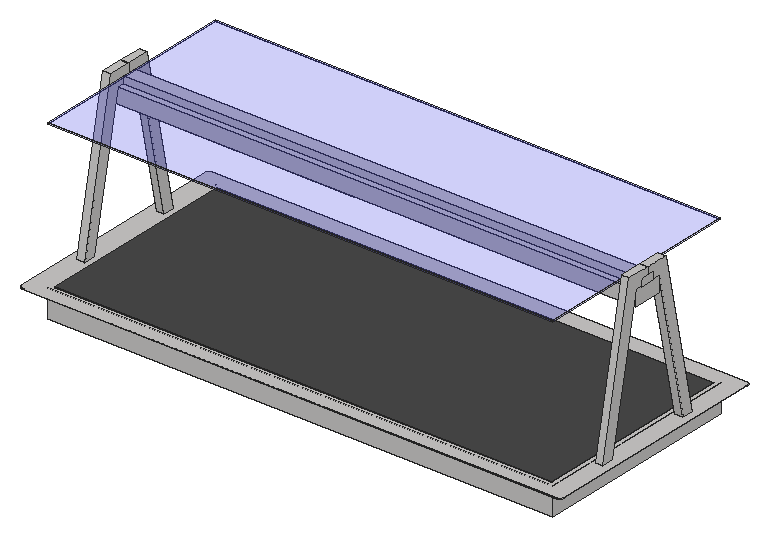
Revit family "QF_ELECTROLUXPROFESSIONAL_341182_D04C4", category Attrezzature speciali, Revit 2020
Family settings
  Quota connettore circolare = Usa diametro
  Tipo di parte = Normale
  Basato su piano di lavoro = No
  Sempre verticale = Sì
  Taglio con vuoti quando caricato = No
  Condiviso = No
  Punto di calcolo locali = No
Parameters (values of type "Standard")
  Weight = 45.35 kg
  Watts = 0 W
  Volts = 220 V
  URL Manufacturer = "https://www.electroluxprofessional.com/"
  URL = "https://www.electroluxprofessional.com/"
  Steam Supply Size = 0 mm
  Steam Supply Minimum Pressure = 0.0 Pa
  Steam Supply Maximum Pressure = 0.0 Pa
  Steam Consumption per Hour = 0
  Refrigeration Suction Line Size = 0 mm
  Refrigeration Liquid Line Size = 0 mm
  Refrigerant Compressor Remote = yes
  Prospetto di default = 0 mm
  Produttore = "Electrolux Professional"
  Phase = 1
  Modello = "D04C4"
  Length Actual = 1420 mm  # constant formula
  Item Number = "341182"
  Hot Water Size = 0 mm
  Height Actual = 484 mm  # constant formula
  HP = "0 HP"
  Gas Size = 0 mm
  Gas KW = 0
  Gas Input Pressure = 0 W
  Direct Waste Size = 0 mm
  Descrizione = "DROP-IN TEMPERED GLASS TOP, 4GN WITH A TYPE OVERSHELF AND HALOGEN LAMP"
  Depth Actual = 620 mm  # constant formula
  Cycle = 50 Hz
  Condensate Return Size = 0 mm
  Compressed Air Volume = 0.0 L/s
  Compressed Air Size = 0 mm
  Compressed Air Pressure = 0.0 Pa
  Cold Water Size = 0 mm
  Accessory = yes
Reference planes
  plane 1 "BACK": y = 0
  plane 2: z = 5.426
  plane 3 "LEFT": x = 0
  plane 4: y = -620
  plane 5: x = 1420
  plane 6: z = 409.426
  plane 7: y = -310
  plane 8: x = 710
Forms (mm)
  Extrusion 1, solid, material "QF_Finishes_Stainless Steel"
    sketch origin (0, 0, 5.426) x (1, 0, 0) y (0, 1, 0)
      loop
        arc (10, 0) -> (2.929, -2.929) -> (0, -10) r 10
        line (0, -10) -> (0, -610)
        arc (0, -610) -> (2.929, -617.071) -> (10, -620) r 10
        line (10, -620) -> (1410, -620)
        arc (1410, -620) -> (1417.071, -617.071) -> (1420, -610) r 10
        line (1420, -610) -> (1420, -10)
        arc (1420, -10) -> (1417.071, -2.929) -> (1410, 0) r 10
        line (1410, 0) -> (10, 0)
    from 0 to 1
  Extrusion 2, solid, material "QF_Finishes_Stainless Steel"
    sketch origin (0, 0, 184.548) x (1, 0, 0) y (0, 1, 0)
      loop
        line (50, -35) -> (50, -585) -> (1370, -585) -> (1370, -35) -> (50, -35)
    from -251.122 to -179.122
  Extrusion 3, solid, material "QF_Finishes_Stainless Steel"
    sketch origin (21.5, -620, 0) x (0, -1, 0) y (0, 0, -1)
      loop
        line (-310, -409.426) -> (-250.873, -409.426) -> (-165, -5.426) -> (-195, -5.426) -> (-272.583, -370.426) -> (-310, -370.426) -> (-310, -409.426)
    from 0 to 20
  Extrusion 4, solid, material "QF_Finishes_Stainless Steel"
    sketch origin (21.5, 0, 0) x (0, 1, 0) y (0, 0, 1)
      loop
        line (-310, 409.426) -> (-310, 370.426) -> (-272.583, 370.426) -> (-195, 5.426) -> (-165, 5.426) -> (-250.873, 409.426) -> (-310, 409.426)
    from 0 to 20
  Extrusion 5, solid, material "QF_Finishes_Stainless Steel"
    sketch origin (1398.5, -620, 0) x (0, -1, 0) y (0, 0, 1)
      loop
        line (-310, 409.426) -> (-310, 370.426) -> (-272.583, 370.426) -> (-195, 5.426) -> (-165, 5.426) -> (-250.873, 409.426) -> (-310, 409.426)
    from 0 to 20
  Extrusion 6, solid, material "QF_Finishes_Stainless Steel"
    sketch origin (1398.5, 0, 0) x (0, 1, 0) y (0, 0, -1)
      loop
        line (-310, -409.426) -> (-250.873, -409.426) -> (-165, -5.426) -> (-195, -5.426) -> (-272.583, -370.426) -> (-310, -370.426) -> (-310, -409.426)
    from 0 to 20
  Extrusion 7, solid, material "QF_Finishes_Stainless Steel"
    sketch origin (0, 0, 0) x (0, 1, 0) y (0, 0, 1)
      loop
        line (-291.292, 370.426) -> (-291.292, 387.956) -> (-328.917, 387.956) -> (-328.917, 370.426) -> (-291.292, 370.426)
    from 21.5 to 1398.5
  Extrusion 8, solid, material "Vetro"
    sketch origin (0, 0, 5.426) x (1, 0, 0) y (0, 1, 0)
      loop
        line (50, -35) -> (50, -585) -> (1370, -585) -> (1370, -35) -> (50, -35)
    from 382.529 to 387.529
  Extrusion 9, solid, material "QF_Finishes_Stainless Steel"
    sketch origin (0, 0, 0) x (0, 1, 0) y (0, 0, 1)
      loop
        line (-272.583, 370.426) -> (-347.583, 370.426) -> (-347.583, 330.426) -> (-272.583, 330.426) -> (-272.583, 370.426)
    from 21.5 to 1398.5
  Extrusion 10, solid, material "QF_Finishes_Stainless Steel"
    sketch origin (34.947, 0, 0) x (0, 1, 0) y (0, 0, 1)
      loop
        line (-280.414, 330.426) -> (-340.414, 330.426) -> (-340.414, 325.426) -> (-280.414, 325.426) -> (-280.414, 330.426)
    from 113.553 to 313.553
  Extrusion 11, solid, material "QF_Finishes_Stainless Steel"
    sketch origin (769.053, 0, 0) x (0, 1, 0) y (0, 0, -1)
      loop
        line (-280.414, -330.426) -> (-280.414, -325.426) -> (-340.414, -325.426) -> (-340.414, -330.426) -> (-280.414, -330.426)
    from 113.553 to 313.553
  Extrusion 12, solid, material "QF_Finishes_Stainless Steel"
    sketch origin (1385.053, 0, 0) x (0, 1, 0) y (0, 0, -1)
      loop
        line (-280.414, -330.426) -> (-280.414, -325.426) -> (-340.414, -325.426) -> (-340.414, -330.426) -> (-280.414, -330.426)
    from 113.553 to 313.553
  Extrusion 13, solid, material "QF_Finishes_Stainless Steel"
    sketch origin (650.947, 0, 0) x (0, 1, 0) y (0, 0, 1)
      loop
        line (-280.414, 330.426) -> (-340.414, 330.426) -> (-340.414, 325.426) -> (-280.414, 325.426) -> (-280.414, 330.426)
    from 113.553 to 313.553
  Extrusion 14, solid, material "QF_Finishes_Black"
    sketch origin (0, 0, 6.426) x (1, 0, 0) y (0, 1, 0)
      loop
        line (60, -45) -> (60, -575) -> (1360, -575) -> (1360, -45) -> (60, -45)
    from 0 to 1
  Extrusion 15, solid, material "QF_Finishes_Stainless Steel"
    sketch origin (1282.404, 17.714, -99.574) x (1, 0, 0) y (0, 1, 0)
      loop
        line (-392.404, -132.714) -> (-392.404, -152.714) -> (-372.404, -152.714) -> (-372.404, -132.714) -> (-392.404, -132.714)
    from 0 to 33
  Extrusion 16, solid, material "QF_Finishes_Stainless Steel"
    sketch origin (1012.404, 17.714, -99.574) x (1, 0, 0) y (0, 1, 0)
      loop
        line (-392.404, -132.714) -> (-392.404, -152.714) -> (-372.404, -152.714) -> (-372.404, -132.714) -> (-392.404, -132.714)
    from 0 to 33
Dimensions and locks
  equal spacing: Extrusion 1, Extrusion 2 sketch curve, Extrusion 2 sketch curve, Extrusion 1  (x2)
  Extrusion 1 to Extrusion 1 = 1420 mm
  Extrusion 1 to plane 1 "BACK" = 620 mm
  plane 6 to plane 2 = 404 mm
  equal spacing: plane 3 "LEFT", plane 8, plane 5
  Extrusion 4 to plane 8 to Extrusion 6 = 668.5 mm, 668.5 mm
  equal spacing: Extrusion 8, Extrusion 14 sketch curve, Extrusion 14 sketch curve, Extrusion 8  (x2)
  aligned and locked: level to plane 2
Automatic sketch dimensions
  Extrusion 1 sketch curve to plane 3 "LEFT" = 0 mm
  plane 4 to Extrusion 1 sketch curve = 0 mm
  plane 1 "BACK" to Extrusion 1 sketch curve = 0 mm
  Extrusion 1 sketch curve to plane 5 = 0 mm
  plane 3 "LEFT" to Extrusion 1 sketch curve = 10 mm  (x2)
  plane 5 to Extrusion 1 sketch curve = 10 mm  (x2)
  plane 3 "LEFT" to Extrusion 2 sketch curve = 50 mm
  plane 5 to Extrusion 2 sketch curve = 50 mm
  Extrusion 2 sketch curve to plane 4 = 35 mm
  plane 1 "BACK" to Extrusion 2 sketch curve = 35 mm
  Extrusion 3 sketch curve to plane 7 = 0 mm
  plane 6 to Extrusion 3 sketch curve = 0 mm
  Extrusion 3 sketch curve to level = 0 mm
  Extrusion 3 sketch curve to Extrusion 3 sketch curve = 37.417 mm
  Extrusion 3 sketch curve to Extrusion 3 sketch curve = 21.71 mm
  plane 7 to Extrusion 3 sketch curve = 115 mm
  Extrusion 3 sketch curve to Extrusion 3 sketch curve = 30 mm
  Extrusion 3 sketch curve to Extrusion 3 sketch curve = 39 mm
  Extrusion 4 sketch curve to plane 7 = 0 mm
  plane 6 to Extrusion 4 sketch curve = 0 mm
  Extrusion 4 sketch curve to level = 0 mm
  Extrusion 4 sketch curve to Extrusion 4 sketch curve = 37.417 mm
  Extrusion 4 sketch curve to Extrusion 4 sketch curve = 21.71 mm
  plane 7 to Extrusion 4 sketch curve = 115 mm
  Extrusion 4 sketch curve to Extrusion 4 sketch curve = 30 mm
  Extrusion 4 sketch curve to Extrusion 4 sketch curve = 39 mm
  Extrusion 5 sketch curve to plane 7 = 0 mm
  plane 6 to Extrusion 5 sketch curve = 0 mm
  Extrusion 5 sketch curve to level = 0 mm
  Extrusion 5 sketch curve to Extrusion 5 sketch curve = 37.417 mm
  Extrusion 5 sketch curve to Extrusion 5 sketch curve = 21.71 mm
  Extrusion 5 sketch curve to plane 7 = 115 mm
  Extrusion 5 sketch curve to Extrusion 5 sketch curve = 30 mm
  Extrusion 5 sketch curve to Extrusion 5 sketch curve = 39 mm
  Extrusion 6 sketch curve to plane 7 = 0 mm
  plane 6 to Extrusion 6 sketch curve = 0 mm
  Extrusion 6 sketch curve to level = 0 mm
  Extrusion 6 sketch curve to Extrusion 6 sketch curve = 37.417 mm
  Extrusion 6 sketch curve to Extrusion 6 sketch curve = 21.71 mm
  plane 7 to Extrusion 6 sketch curve = 115 mm
  Extrusion 6 sketch curve to Extrusion 6 sketch curve = 30 mm
  Extrusion 6 sketch curve to Extrusion 6 sketch curve = 39 mm
  Extrusion 7 sketch curve to plane 7 = 18.917 mm
  plane 7 to Extrusion 7 sketch curve = 18.708 mm
  plane 6 to Extrusion 7 sketch curve = 39 mm
  Extrusion 7 sketch curve to Extrusion 7 sketch curve = 17.529 mm
  plane 3 "LEFT" to Extrusion 8 sketch curve = 50 mm
  plane 5 to Extrusion 8 sketch curve = 50 mm
  Extrusion 8 sketch curve to plane 4 = 35 mm
  plane 1 "BACK" to Extrusion 8 sketch curve = 35 mm
  Extrusion 9 sketch curve to plane 7 = 37.583 mm
  plane 7 to Extrusion 9 sketch curve = 37.417 mm
  plane 6 to Extrusion 9 sketch curve = 79 mm
  plane 6 to Extrusion 9 sketch curve = 39 mm
  Extrusion 10 sketch curve to plane 7 = 30.414 mm
  plane 7 to Extrusion 10 sketch curve = 29.586 mm
  plane 6 to Extrusion 10 sketch curve = 84 mm
  Extrusion 10 sketch curve to Extrusion 10 sketch curve = 5 mm
  Extrusion 11 sketch curve to plane 7 = 30.414 mm
  plane 7 to Extrusion 11 sketch curve = 29.586 mm
  plane 6 to Extrusion 11 sketch curve = 79 mm
  Extrusion 11 sketch curve to Extrusion 11 sketch curve = 5 mm
  Extrusion 12 sketch curve to plane 7 = 30.414 mm
  plane 7 to Extrusion 12 sketch curve = 29.586 mm
  plane 6 to Extrusion 12 sketch curve = 79 mm
  Extrusion 12 sketch curve to Extrusion 12 sketch curve = 5 mm
  Extrusion 13 sketch curve to plane 7 = 30.414 mm
  plane 7 to Extrusion 13 sketch curve = 29.586 mm
  plane 6 to Extrusion 13 sketch curve = 84 mm
  Extrusion 13 sketch curve to Extrusion 13 sketch curve = 5 mm
  plane 3 "LEFT" to Extrusion 14 sketch curve = 60 mm
  plane 5 to Extrusion 14 sketch curve = 60 mm
  Extrusion 14 sketch curve to plane 4 = 45 mm
  plane 1 "BACK" to Extrusion 14 sketch curve = 45 mm
  plane 8 to Extrusion 15 sketch curve = 180 mm
  Extrusion 15 sketch curve to Extrusion 15 sketch curve = 20 mm  (x2)
  plane 1 "BACK" to Extrusion 15 sketch curve = 135 mm
  Extrusion 16 sketch curve to plane 8 = 90 mm
  Extrusion 16 sketch curve to Extrusion 16 sketch curve = 20 mm  (x2)
  plane 1 "BACK" to Extrusion 16 sketch curve = 135 mm
Connectors
  electrical at (900, -125, -99.574)
    settings: on Extrusion 15, index 4, voltage 0 V, apparent load 0 VA, apparent load phase1 0 VA, apparent load phase2 0 VA, apparent load phase3 0 VA, power factor 1, load classification "Altro", number of poles 1, system type 30, power factor state 1, is connector primary yes, connector utility no, sub classification motor no, connector description "EI"
  electrical at (630, -125, -99.574)
    settings: on Extrusion 16, index 5, voltage 0 V, apparent load 0 VA, apparent load phase1 0 VA, apparent load phase2 0 VA, apparent load phase3 0 VA, power factor 1, load classification "Altro", number of poles 1, system type 30, power factor state 1, is connector primary no, connector utility no, sub classification motor no, connector description "EI"
